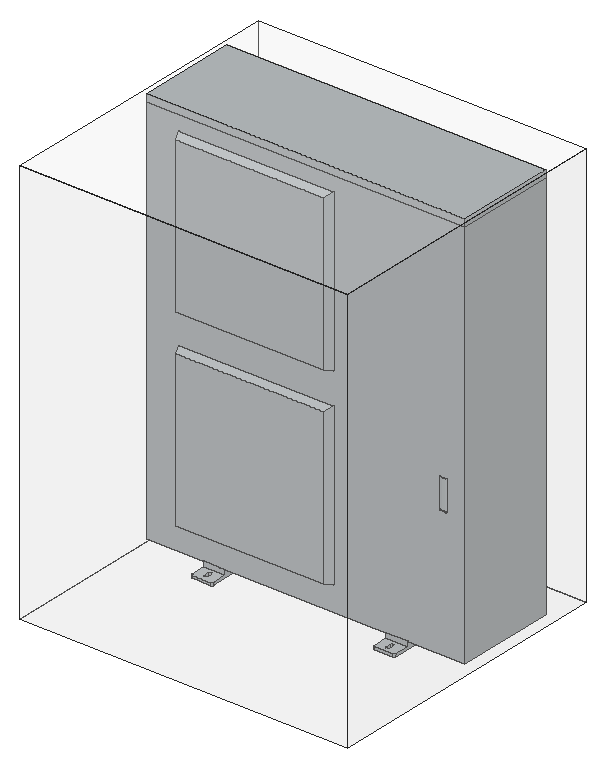
Revit family "puz-hrmp80_160ka10_60hz", category 機械設備, Revit 2023 (continued)
Definition of nested family "PUZ-HDRMP-3"
  Dimensions and locks
    aligned and locked: Blend 4 sketch curve to plane 46
    aligned and locked: Blend 4 sketch curve to plane 48
    aligned and locked: Blend 4 to plane 8
    aligned and locked: plane 38 to Blend 4
    aligned and locked: curve 17 to plane 49
    aligned and locked: curve 1 to plane 49
    aligned and locked: plane 49 to curve 19
    aligned and locked: curve 18 to plane 50
    aligned and locked: plane 50 to curve 2
    aligned and locked: plane 50 to curve 20
    aligned and locked: plane 57 to Extrusion 5 sketch curve
    aligned and locked: plane 53 to Extrusion 5 sketch curve
    aligned and locked: plane 58 to Extrusion 6 sketch curve
    aligned and locked: plane 56 to Extrusion 6 sketch curve
    aligned and locked: plane 61 to Extrusion 7 sketch curve
    aligned and locked: plane 54 to Extrusion 7 sketch curve
    aligned and locked: plane 55 to Extrusion 7
    aligned and locked: Extrusion 7 to plane 62
    aligned and locked: plane 64 to Extrusion 6
    aligned and locked: plane 63 to Extrusion 5
    aligned and locked: Extrusion 6 to plane 60
    aligned and locked: Extrusion 5 to plane 59
    aligned and locked: plane 66 to Extrusion 8 sketch curve
    aligned and locked: plane 65 to Extrusion 8 sketch curve
    aligned and locked: Extrusion 8 to plane 60
    aligned and locked: plane 64 to Extrusion 8
    aligned and locked: Blend 9 sketch curve to plane 71
    aligned and locked: Blend 9 sketch curve to plane 72
    aligned and locked: Blend 9 sketch curve to plane 42
    aligned and locked: Blend 9 sketch curve to plane 41
    aligned and locked: plane 45 to Blend 9 sketch curve
    aligned and locked: Blend 9 sketch curve to plane 46
    aligned and locked: Blend 9 sketch curve to plane 73
    aligned and locked: plane 74 to Blend 9 sketch curve
    aligned and locked: Blend 9 to plane 8
    aligned and locked: plane 38 to Blend 9
    aligned and locked: plane 22 to Extrusion 10 sketch curve
    aligned and locked: plane 21 to Extrusion 10 sketch curve
    aligned and locked: Extrusion 10 sketch curve to Extrusion 1  (x4)
    aligned and locked: Extrusion 10 sketch curve to plane 23
    aligned and locked: Extrusion 10 sketch curve to plane 20
    aligned and locked: plane 24 to Extrusion 10
    aligned and locked: Extrusion 10 to level
    aligned and locked: plane 25 to Extrusion 11
    aligned and locked: Extrusion 11 to plane 26
    aligned and locked: Masking region 1 sketch curve to Extrusion 3  (x4)
    aligned and locked: Masking region 1 sketch curve to cut or joined group of Extrusion 1, Extrusion 10  (x8)
    aligned and locked: Masking region 1 sketch curve to Blend 9  (x3)
    aligned and locked: plane 51 to Extrusion 11 sketch curve
    aligned and locked: plane 52 to Extrusion 11 sketch curve
    aligned and locked: plane 76 to Extrusion 11 sketch curve
    aligned and locked: plane 77 to Extrusion 11 sketch curve
    aligned and locked: plane 78 to Extrusion 11 sketch curve
    aligned and locked: plane 79 to Extrusion 11 sketch curve
    aligned and locked: plane 75 to Extrusion 11 sketch curve  (x4)
  Automatic sketch dimensions
    plane 7 to Extrusion 1 sketch curve = 0 mm  (x2)
    Extrusion 1 sketch curve to plane 18 = 0 mm
    plane 8 to Extrusion 1 sketch curve = 0 mm  (x2)
    Extrusion 1 sketch curve to plane 19 = 0 mm
    Extrusion 1 sketch curve to plane 20 = 0 mm
    Extrusion 1 sketch curve to plane 21 = 0 mm
    curve 187 to curve 188 = 40 mm
    curve 186 to curve 190 = 13.333 mm
    curve 190 to curve 190 = 40 mm
    curve 186 to curve 193 = 0 mm
    curve 186 to curve 188 = 40 mm
    curve 188 to curve 191 = 0 mm
    curve 179 to curve 180 = 40 mm
    curve 178 to curve 182 = 120 mm
    curve 182 to curve 182 = 40 mm
    curve 178 to curve 185 = 0 mm
    curve 178 to curve 180 = 40 mm
    curve 182 to curve 183 = 40 mm
    curve 25 to plane 45 = 0 mm
    curve 24 to plane 45 = 0 mm
    curve 22 to plane 45 = 0 mm
    curve 23 to plane 45 = 0 mm
    curve 26 to plane 45 = 0 mm
    curve 21 to plane 45 = 0 mm
    curve 24 to plane 46 = 0 mm
    curve 25 to plane 46 = 0 mm
    curve 26 to plane 46 = 0 mm
    curve 23 to plane 46 = 0 mm
    curve 22 to plane 46 = 0 mm
    curve 21 to plane 46 = 0 mm
    curve 37 to plane 48 = 0 mm
    curve 52 to plane 48 = 0 mm
    curve 51 to plane 48 = 0 mm
    curve 50 to plane 48 = 0 mm
    curve 49 to plane 48 = 0 mm
    curve 48 to plane 48 = 0 mm
    curve 47 to plane 48 = 0 mm
    curve 46 to plane 48 = 0 mm
    curve 45 to plane 48 = 0 mm
    curve 44 to plane 48 = 0 mm
    curve 43 to plane 48 = 0 mm
    curve 42 to plane 48 = 0 mm
    curve 41 to plane 48 = 0 mm
    curve 27 to plane 48 = 0 mm
    curve 28 to plane 48 = 0 mm
    curve 40 to plane 48 = 0 mm
    curve 39 to plane 48 = 0 mm
    curve 29 to plane 48 = 0 mm
    curve 38 to plane 48 = 0 mm
    curve 30 to plane 48 = 0 mm
    curve 53 to plane 48 = 0 mm
    curve 31 to plane 48 = 0 mm
    curve 36 to plane 48 = 0 mm
    curve 32 to plane 48 = 0 mm
    curve 35 to plane 48 = 0 mm
    curve 33 to plane 48 = 0 mm
    curve 34 to plane 48 = 0 mm
    curve 28 to plane 47 = 0 mm
    curve 41 to plane 47 = 0 mm
    curve 27 to plane 47 = 0 mm
    curve 42 to plane 47 = 0 mm
    curve 31 to plane 47 = 0 mm
    curve 40 to plane 47 = 0 mm
    curve 37 to plane 47 = 0 mm
    curve 39 to plane 47 = 0 mm
    curve 32 to plane 47 = 0 mm
    curve 45 to plane 47 = 0 mm
    curve 36 to plane 47 = 0 mm
    curve 46 to plane 47 = 0 mm
    curve 43 to plane 47 = 0 mm
    curve 47 to plane 47 = 0 mm
    curve 29 to plane 47 = 0 mm
    curve 48 to plane 47 = 0 mm
    curve 30 to plane 47 = 0 mm
    curve 49 to plane 47 = 0 mm
    curve 44 to plane 47 = 0 mm
    curve 50 to plane 47 = 0 mm
    curve 33 to plane 47 = 0 mm
    curve 51 to plane 47 = 0 mm
    curve 35 to plane 47 = 0 mm
    curve 52 to plane 47 = 0 mm
    curve 38 to plane 47 = 0 mm
    curve 53 to plane 47 = 0 mm
    curve 34 to plane 47 = 0 mm
    plane 13 to curve 304 = 138 mm
    curve 304 to plane 46 = 0 mm
    curve 307 to plane 45 = 0 mm
    curve 306 to plane 45 = 0 mm
    curve 303 to plane 45 = 0 mm
    curve 308 to plane 45 = 0 mm
    curve 303 to plane 46 = 0 mm
    curve 306 to plane 46 = 0 mm
    curve 307 to plane 46 = 0 mm
    curve 308 to plane 46 = 0 mm
    curve 309 to plane 45 = 0 mm
    curve 309 to plane 46 = 0 mm
    curve 305 to plane 74 = 0 mm
    curve 305 to plane 73 = 0 mm
    curve 310 to plane 74 = 0 mm
    curve 310 to plane 73 = 0 mm
    curve 311 to plane 73 = 0 mm
    curve 311 to plane 74 = 0 mm
    curve 312 to plane 74 = 0 mm
    curve 312 to plane 73 = 0 mm
    curve 313 to plane 74 = 0 mm
    curve 313 to plane 73 = 0 mm
    curve 314 to plane 73 = 0 mm
    curve 314 to plane 74 = 0 mm
    curve 315 to plane 74 = 0 mm
    curve 315 to plane 73 = 0 mm
    curve 316 to plane 73 = 0 mm
    curve 316 to plane 74 = 0 mm
    curve 317 to plane 74 = 0 mm
    curve 317 to plane 73 = 0 mm
    curve 318 to plane 74 = 0 mm
    curve 318 to plane 73 = 0 mm
    curve 319 to plane 74 = 0 mm
    curve 319 to plane 73 = 0 mm
    curve 320 to plane 74 = 0 mm
    curve 320 to plane 73 = 0 mm
    curve 321 to plane 74 = 0 mm
    curve 321 to plane 73 = 0 mm
    curve 322 to plane 73 = 0 mm
    curve 322 to plane 74 = 0 mm
    curve 323 to plane 73 = 0 mm
    curve 323 to plane 74 = 0 mm
    curve 324 to plane 73 = 0 mm
    curve 324 to plane 74 = 0 mm
    curve 325 to plane 74 = 0 mm
    curve 325 to plane 73 = 0 mm
    curve 326 to plane 74 = 0 mm
    curve 326 to plane 73 = 0 mm
    curve 327 to plane 74 = 0 mm
    curve 327 to plane 73 = 0 mm
    curve 328 to plane 74 = 0 mm
    curve 328 to plane 73 = 0 mm
    curve 329 to plane 74 = 0 mm
    curve 329 to plane 73 = 0 mm
    curve 330 to plane 74 = 0 mm
    curve 330 to plane 73 = 0 mm
    curve 331 to plane 74 = 0 mm
    curve 331 to plane 73 = 0 mm
    curve 332 to plane 73 = 0 mm
    curve 332 to plane 74 = 0 mm
    curve 333 to plane 74 = 0 mm
    curve 333 to plane 73 = 0 mm
    curve 334 to plane 73 = 0 mm
    curve 334 to plane 74 = 0 mm
    curve 335 to plane 74 = 0 mm
    curve 335 to plane 73 = 0 mm
    Extrusion 10 sketch curve to plane 18 = 0 mm  (x2)
    plane 8 to Extrusion 10 sketch curve = 0 mm
    plane 23 to Extrusion 10 sketch curve = 0 mm
    plane 22 to Extrusion 10 sketch curve = 0 mm  (x3)
    plane 16 to Extrusion 10 sketch curve = 0 mm  (x3)
    plane 17 to Extrusion 10 sketch curve = 0 mm  (x3)
    Extrusion 10 sketch curve to plane 15 = 0 mm  (x2)
    Extrusion 10 sketch curve to plane 19 = 0 mm  (x2)
    Extrusion 10 sketch curve to plane 14 = 0 mm  (x2)
    plane 7 to Extrusion 10 sketch curve = 0 mm
    Extrusion 10 sketch curve to plane 18 = 5 mm
    plane 15 to Extrusion 10 sketch curve = 6 mm  (x2)
    plane 19 to Extrusion 10 sketch curve = 5 mm
    Extrusion 10 sketch curve to plane 20 = 5 mm
    plane 14 to Extrusion 10 sketch curve = 6 mm  (x2)
    plane 21 to Extrusion 10 sketch curve = 5 mm
    plane 38 to Extrusion 10 sketch curve = 10 mm  (x2)
    plane 19 to Masking region 1 sketch curve = 0 mm
    plane 21 to Masking region 1 sketch curve = 0 mm
    plane 7 to Masking region 1 sketch curve = 0 mm  (x2)
    Masking region 1 sketch curve to plane 20 = 0 mm
    Masking region 1 sketch curve to plane 18 = 0 mm
    plane 8 to Masking region 1 sketch curve = 0 mm  (x2)
    plane 38 to Masking region 1 sketch curve = 0 mm
    curve 352 to plane 6 = 0 mm
    plane 7 to curve 352 = 0 mm
    curve 353 to plane 18 = 0 mm
    curve 348 to plane 18 = 0 mm
    plane 8 to curve 346 = 0 mm
    curve 354 to plane 19 = 0 mm
    curve 347 to plane 19 = 0 mm
    curve 345 to plane 41 = 0 mm
    plane 38 to curve 344 = 0 mm
    curve 344 to plane 46 = 0 mm
    curve 357 to plane 20 = 0 mm
    curve 343 to plane 20 = 0 mm
    curve 358 to plane 21 = 0 mm
    curve 341 to plane 21 = 0 mm
    curve 339 to plane 45 = 0 mm
    curve 339 to plane 42 = 0 mm
    curve 337 to plane 5 = 0 mm
    plane 22 to curve 354 = 0 mm
    plane 22 to curve 358 = 0 mm
    plane 23 to curve 342 = 0 mm
    plane 23 to curve 347 = 0 mm
    curve 11 to plane 65 = 6 mm
    plane 18 to curve 352 = 28.157 mm
    plane 15 to curve 346 = 0.043 mm
    plane 21 to curve 338 = 11.963 mm
    curve 336 to plane 21 = 9.073 mm
    curve 344 to plane 21 = 22.105 mm
    plane 28 to curve 3 = 5 mm
    curve 3 to plane 45 = 38 mm
    curve 1 to plane 45 = 38 mm
    curve 3 to curve 5 = 0 mm
    curve 4 to plane 29 = 5 mm
    curve 372 to plane 65 = 6 mm
    plane 65 to curve 376 = 9 mm
    curve 12 to plane 65 = 6 mm
    curve 20 to plane 53 = 4 mm
    curve 2 to curve 16 = 15 mm
    plane 51 to curve 15 = 5 mm
Definition of nested family "固定点"
  Parameters (values of type "固定点")
    Default Elevation = 0 mm
    中心円 = if(W > 599 mm, 12 mm, 10 mm)  # 12 mm
    W = 1000 mm
    D = 1000 mm
  Reference planes
    plane 1 "中心(正面/背面)": y = 0
    plane 2: z = 0
    plane 3 "中心(左/右)": x = 0
    plane 4: x = 1000
    plane 5: y = 1000
  Lines and regions (mm)
    symbolic lines, detail levels fine
      curve 1: circle (0, 1000, 0) r 6 normal (0, 0, 1)
      curve 2: circle (0, 0, 0) r 6 normal (0, 0, 1)
      curve 3: circle (1000, 1000, 0) r 6 normal (0, 0, 1)
      curve 4: circle (1000, 0, 0) r 6 normal (0, 0, 1)
      curve 5: line (-200, 1000, 0) -> (1200, 1000, 0)
      curve 6: line (-200, 0, 0) -> (1200, 0, 0)
      curve 7: line (0, 1200, 0) -> (0, -200, 0)
      curve 8: line (1000, 1200, 0) -> (1000, -200, 0)
  Dimensions and locks
    "W": plane 3 "中心(左/右)" to plane 4
    "D": plane 1 "中心(正面/背面)" to plane 5
    "中心円": diameter of curve 1
    "中心円": diameter of curve 2
    "中心円": diameter of curve 3
    "中心円": diameter of curve 4
    aligned and locked: level to plane 2
    aligned and locked: plane 5 to curve 1
    aligned and locked: plane 3 "中心(左/右)" to curve 1
    aligned and locked: plane 3 "中心(左/右)" to curve 2
    aligned and locked: plane 1 "中心(正面/背面)" to curve 2
    aligned and locked: plane 4 to curve 3
    aligned and locked: plane 5 to curve 3
    aligned and locked: plane 1 "中心(正面/背面)" to curve 4
    aligned and locked: plane 4 to curve 4
    aligned and locked: plane 1 "中心(正面/背面)" to curve 6
    aligned and locked: curve 7 to plane 3 "中心(左/右)"
    aligned and locked: curve 8 to plane 4
  Automatic sketch dimensions
    curve 5 to plane 5 = 0 mm
    curve 6 to plane 3 "中心(左/右)" = 200 mm
    curve 5 to plane 3 "中心(左/右)" = 200 mm
    curve 4 to curve 6 = 200 mm
    curve 3 to curve 5 = 200 mm
    plane 1 "中心(正面/背面)" to curve 8 = 200 mm
    plane 1 "中心(正面/背面)" to curve 7 = 200 mm
    curve 3 to curve 8 = 200 mm
    curve 1 to curve 7 = 200 mm
Types (15, lengths in mm): name | 音響パワーレベル_暖房 (dB) | 音響パワーレベル_冷房 (dB) | 音響パワーレベル(dB) | 電動機出力_圧縮機 | 質量 | 製品質量 | 消費電力_暖房 | 消費電力_冷房 | 消費電力 | 本体マテリアル | 暖房能力 | 推奨ブレーカー容量 | 冷房能力 | 冷媒管（ガス）位置Y | 冷媒管位置Y | モデル | URL
  PUZ-HRMP112KA10 | 69 | 66 | 69 | 2.1 kW | 135.60 kg | 113.00 kg | 2.69 kW | 2.5 kW | 2.69 kW | Galvanized steel plate | 11.2 kW | 30 A | 10 kW | 274 | 282 | "PUZ-HRMP112KA10" | "https://www.mitsubishielectric.co.jp/ldg/wink/qr/002/364625"
  PUZ-HRMP140KA10 | 69 | 68 | 69 | 2.7 kW | 135.60 kg | 113.00 kg | 3.82 kW | 3.69 kW | 3.82 kW | none | 14 kW | 40 A | 12.5 kW | 234 | 262 | "PUZ-HRMP140KA10" | "https://www.mitsubishielectric.co.jp/ldg/wink/qr/002/364548"
  PUZ-HRMP160KA10 | 71 | 69 | 71 | 3.1 kW | 135.60 kg | 113.00 kg | 4.49 kW | 4.7 kW | 4.7 kW | none | 16 kW | 40 A | 14 kW | 234 | 262 | "PUZ-HRMP160KA10" | "https://www.mitsubishielectric.co.jp/ldg/wink/qr/002/364551"
  PUZ-HRMP112KA10-BS | 69 | 66 | 69 | 2.1 kW | 135.60 kg | 113.00 kg | 2.69 kW | 2.5 kW | 2.69 kW | none | 11.2 kW | 30 A | 10 kW | 274 | 282 | "PUZ-HRMP112KA10-BS" | "https://www.mitsubishielectric.co.jp/ldg/wink/qr/002/364626"
  PUZ-HRMP112KA10-BH | 69 | 66 | 69 | 2.1 kW | 136.80 kg | 114.00 kg | 2.69 kW | 2.5 kW | 2.69 kW | none | 11.2 kW | 30 A | 10 kW | 274 | 282 | "PUZ-HRMP112KA10-BH" | "https://www.mitsubishielectric.co.jp/ldg/wink/qr/002/364555"
  PUZ-HRMP140KA10-BS | 69 | 68 | 69 | 2.7 kW | 135.60 kg | 113.00 kg | 3.82 kW | 3.69 kW | 3.82 kW | none | 14 kW | 40 A | 12.5 kW | 234 | 262 | "PUZ-HRMP140KA10-BS" | "https://www.mitsubishielectric.co.jp/ldg/wink/qr/002/364549"
  PUZ-HRMP140KA10-BSG | 69 | 68 | 69 | 2.7 kW | 135.60 kg | 113.00 kg | 3.82 kW | 3.69 kW | 3.82 kW | none | 14 kW | 40 A | 12.5 kW | 234 | 262 | "PUZ-HRMP140KA10-BSG" | "https://www.mitsubishielectric.co.jp/ldg/wink/qr/002/364550"
  PUZ-HRMP140KA10-BH | 69 | 68 | 69 | 2.7 kW | 136.80 kg | 114.00 kg | 3.82 kW | 3.69 kW | 3.82 kW | none | 14 kW | 40 A | 12.5 kW | 234 | 262 | "PUZ-HRMP140KA10-BH" | "https://www.mitsubishielectric.co.jp/ldg/wink/qr/002/364556"
  PUZ-HRMP160KA10-BS | 71 | 69 | 71 | 3.1 kW | 135.60 kg | 113.00 kg | 4.49 kW | 4.7 kW | 4.7 kW | none | 16 kW | 40 A | 14 kW | 234 | 262 | "PUZ-HRMP160KA10-BS" | "https://www.mitsubishielectric.co.jp/ldg/wink/qr/002/364552"
  PUZ-HRMP160KA10-BSG | 71 | 69 | 71 | 3.1 kW | 135.60 kg | 113.00 kg | 4.49 kW | 4.7 kW | 4.7 kW | none | 16 kW | 40 A | 14 kW | 234 | 262 | "PUZ-HRMP160KA10-BSG" | "https://www.mitsubishielectric.co.jp/ldg/wink/qr/002/364553"
  PUZ-HRMP160KA10-BH | 71 | 69 | 71 | 3.1 kW | 136.80 kg | 114.00 kg | 4.49 kW | 4.7 kW | 4.7 kW | none | 16 kW | 40 A | 14 kW | 234 | 262 | "PUZ-HRMP160KA10-BH" | "https://www.mitsubishielectric.co.jp/ldg/wink/qr/002/364557"
  PUZ-HRMP80KA10 | 68 | 66 | 68 | 1.5 kW | 135.60 kg | 113.00 kg | 1.92 kW | 1.77 kW | 1.92 kW | none | 8 kW | 30 A | 7.1 kW | 234 | 262 | "PUZ-HRMP80KA10" | "https://www.mitsubishielectric.co.jp/ldg/wink/qr/002/364622"
  PUZ-HRMP80KA10-BSG | 68 | 66 | 68 | 1.5 kW | 135.60 kg | 113.00 kg | 1.92 kW | 1.77 kW | 1.92 kW | none | 8 kW | 30 A | 7.1 kW | 234 | 262 | "PUZ-HRMP80KA10-BSG" | "https://www.mitsubishielectric.co.jp/ldg/wink/qr/002/364624"
  PUZ-HRMP80KA10-BH | 68 | 66 | 68 | 1.5 kW | 136.80 kg | 114.00 kg | 1.92 kW | 1.77 kW | 1.92 kW | none | 8 kW | 30 A | 7.1 kW | 234 | 262 | "PUZ-HRMP80KA10-BH" | "https://www.mitsubishielectric.co.jp/ldg/wink/qr/002/364554"
  PUZ-HRMP112KA10-BSG | 69 | 66 | 69 | 2.1 kW | 135.60 kg | 113.00 kg | 2.69 kW | 2.5 kW | 2.69 kW | none | 11.2 kW | 30 A | 10 kW | 274 | 282 | "PUZ-HRMP112KA10-BSG" | "https://www.mitsubishielectric.co.jp/ldg/wink/qr/002/364709"
